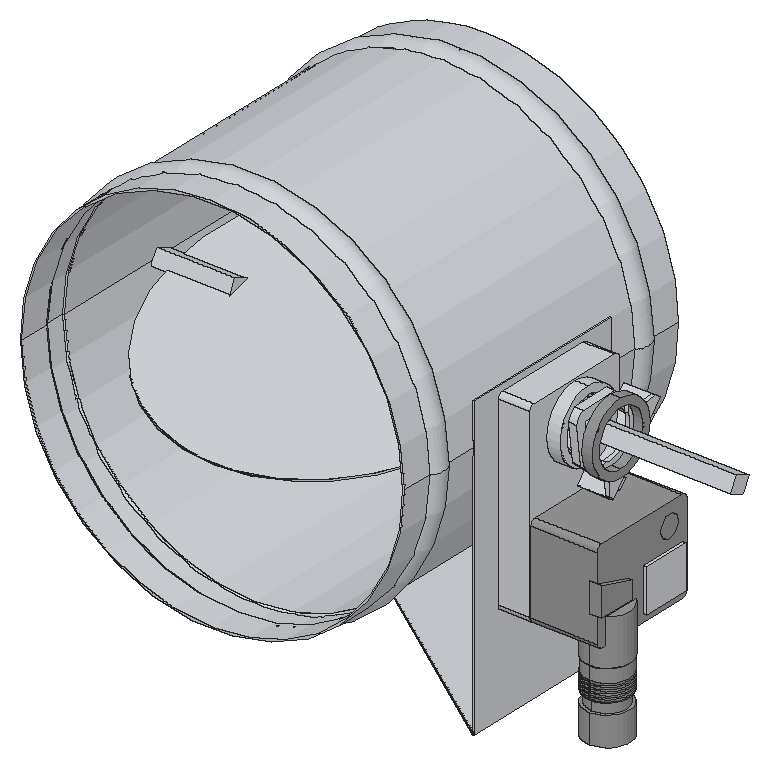
Revit family "MI-MZ-1,2", category Mechanical Equipment, Revit 2015
Parameters
  Void Radius [instance] = Radius - 0' 0 5/256"  # 0' - 4 123/256"
  URL = "https://unitedenertech.com/catalog/pdf/G_5%20MI-MZ-1,2-OB-MZ-1,2.pdf"
  Type Comments = "Consult Factory For Max. Sizes."
  Radius [instance] = 0.5 * Exact Diameter  # 0' - 4 1/2"
  Model = "MI-MZ-1, MI-MZ-2"
  Manufacturer = "United Enertech Corporation"
  Keynote = "Shaft options set to visibility parameters, correct shaft and size will appear when loaded into project."
  Inner Radius [instance] = Radius - 0' 0 9/256"  # 0' - 4 119/256"
  Exact Diameter = 0' - 9"
  Description = "Modulating Motorized Damper"
  Depth = 0' - 8"
  Blade Radius [instance] = Inner Radius - 0' 0 3/8"  # 0' - 4 23/256"
  3/8" Pin Visibility [instance] = if(Exact Diameter < 1' 3 251/256", 2 > 1, 1 > 2)  # yes
  3/4" Shaft Visibility [instance] = if(Exact Diameter > 2' 5 251/256", 2 > 1, 1 > 2)  # no
  1/2" Shaft Visibility [instance] = if(and(Exact Diameter > 1' 3 251/256", Exact Diameter < 2' 5 251/256"), 2 > 1, 1 > 2)  # no
Reference planes (in)
  plane 1 "Center (Front/Back)": y = 0
  plane 2: z = 0
  plane 3 "Center (Left/Right)": x = 0
  plane 4: x = -4.5
  plane 5: x = 4.5
  plane 6: y = 8
  plane 7: y = 7
  plane 8: y = 1
  plane 9: x = -5.1
  plane 10: x = -2.6
  plane 11: x = 2.6
  plane 12: x = 9.14655
  plane 13: x = 4.5359
  plane 14: y = 6
  plane 15: y = 2
  plane 16: x = 6.58841
  plane 17: x = 6.97333
Forms (in)
  Extrusion 1, solid
    sketch origin (0, 0, 0) x (1, 0, 0) y (0, 0, 1)
      loop
        circle (0, 0) r 4.5
      loop
        circle (0, 0) r 4.46484
    from 0 to -8
  Sweep 2, solid
    path origin (0, 1, 0) x (1, 0, 0) y (0, 0, 1)
      loop
        circle (0, 0) r 4.5
    profile "Bead Sweep : Bead Sweep" origin (0, 1, 4.5) x (0, 0, -1) y (0, -1, 0)
      loop
        arc (0, 0.279) -> (-0.12, 0) -> (0, -0.279) r 0.38434
        line (0, -0.279) -> (0, 0.279)
  Sweep 3, solid
    path origin (0, 7, 0) x (1, 0, 0) y (0, 0, 1)
      loop
        circle (0, 0) r 4.5
    profile "Bead Sweep : Bead Sweep" origin (0, 7, 4.5) x (0, 0, -1) y (0, -1, 0)
      loop
        arc (0, 0.279) -> (-0.12, 0) -> (0, -0.279) r 0.38434
        line (0, -0.279) -> (0, 0.279)
  Sweep 4, void
    path origin (0, 1, 0) x (1, 0, 0) y (0, 0, 1)
      loop
        circle (0, 0) r 4.48047
    profile "Bead Void Sweep : Bead Void Sweep" origin (0, 1, 4.48047) x (0, 0, -1) y (0, -1, 0)
      loop
        arc (0.15416, 0.3555) -> (-0.0841, 0) -> (0.15416, -0.3555) r 0.38434
        line (0.15416, -0.3555) -> (0.15416, 0.3555)
  Sweep 5, void
    path origin (0, 7, 0) x (1, 0, 0) y (0, 0, 1)
      loop
        circle (0, 0) r 4.48047
    profile "Bead Void Sweep : Bead Void Sweep" origin (0, 7, 4.48047) x (0, 0, -1) y (0, -1, 0)
      loop
        arc (0.15416, 0.3555) -> (-0.0841, 0) -> (0.15416, -0.3555) r 0.38434
        line (0.15416, -0.3555) -> (0.15416, 0.3555)
  Extrusion 6, solid
    sketch origin (0, 2.96472, 3.8637) x (1, 0, 0) y (0, 0.965926, 0.258819)
      loop
        circle (0, 0) r 4.08984
    from -4.01795 to -3.98205
  Extrusion 7, solid, visible <- "3/8" Pin Visibility"
    sketch origin (-15.25, -6.71378, 12.44542) x (0, 0.906308, -0.422618) y (0, 0.422618, 0.906308)
      loop
        line (15.15714, -6.93904) -> (15.15714, -6.56404) -> (14.78214, -6.56404) -> (14.78214, -6.93904) -> (15.15714, -6.93904)
    from 10.15 to 12.65
  Extrusion 8, solid, visible <- "3/8" Pin Visibility"
    sketch origin (11.25, -6.71378, 12.44542) x (0, 0.906308, -0.422618) y (0, 0.422618, 0.906308)
      loop
        line (15.15714, -6.93904) -> (15.15714, -6.56404) -> (14.78214, -6.56404) -> (14.78214, -6.93904) -> (15.15714, -6.93904)
    from -8.65 to -2.10345
  Extrusion 9, solid, visible <- "1/2" Shaft Visibility"
    sketch origin (0, 0, 0) x (0, 1, 0) y (0, 0, 1)
      loop
        circle (4, 0) r 0.25
    from -5.1 to 9.14655
  Extrusion 10, solid, visible <- "3/4" Shaft Visibility"
    sketch origin (0, 0, 0) x (0, 1, 0) y (0, 0, 1)
      loop
        circle (4, 0) r 0.375
    from -5.1 to 9.14655
  Extrusion 11, solid
    sketch origin (0, 22.75673, 12.99985) x (0, 1, 0) y (0, 0, 1)
      loop
        line (-16.75673, -11.99985) -> (-20.75673, -11.99985) -> (-20.75673, -18.99985) -> (-16.75673, -18.99985) -> (-16.75673, -11.99985)
      loop
        circle (-18.75673, -12.99985) r 0.375
    from 4.5 to 4.5359
  Extrusion 12, solid
    sketch origin (0, 0, 0) x (1, 0, 0) y (0, 0, 1)
      loop
        line (4.5, -6) -> (4.5, -5.95269) -> (0, -0.55027) -> (0, -0.59758) -> (4.5, -6)
    from -6 to -2
  Extrusion 13, void
    sketch origin (-47.63577, 0, 15.85201) x (1, 0, 0) y (0, 0, 1)
      loop
        circle (47.63577, -15.85201) r 4.5
    from -13.1442 to 3.21369
  Extrusion 14, solid
    sketch origin (0, 0, 0) x (0, 1, 0) y (0, 0, 1)
      loop
        line (5.14046, -2.49298) -> (3.99353, -2.49298) -> (3.99353, -3.49298) -> (5.14046, -3.49298) -> (5.14046, -2.49298)
    from 6.58841 to 6.97333
Cuts and joins
  Sweep 4, Sweep 5 cuts Extrusion 1
  Sweep 5 cuts Sweep 2
  Extrusion 13 cuts Extrusion 12
Dimensions and locks (in)
  equal spacing: plane 4, plane 3 "Center (Left/Right)", plane 5
  "Exact Diameter": plane 4 to plane 5
  "Depth": plane 6 to plane 1 "Center (Front/Back)"
  locked: plane 8 to plane 1 "Center (Front/Back)" at 1
  locked: plane 6 to plane 7 at 1
  locked: plane 9 to plane 4 at 0.6
  locked: plane 4 to plane 10 at 1.9
  locked: plane 11 to plane 5 at 1.9
  locked: plane 5 to plane 12 at 4.64655
  locked: plane 5 to plane 13 at 0.0359
  locked: plane 17 to plane 12 at 2.17322
  locked: plane 16 to plane 17 at 0.38492
  "Inner Radius": radius of Extrusion 1 sketch curve
  "Radius": radius of Extrusion 1 sketch curve
  "Radius": radius of Sweep 2 sketch curve
  "Radius": radius of Sweep 3 sketch curve
  "Void Radius": radius of Sweep 4 sketch curve
  "Void Radius": radius of Sweep 5 sketch curve
  "Blade Radius": radius of Extrusion 6 sketch curve
  "Radius": radius of Extrusion 13 sketch curve
  aligned and locked: level to plane 2
  aligned and locked: plane 6 to Extrusion 1
  aligned and locked: plane 1 "Center (Front/Back)" to Extrusion 1
  aligned and locked: plane 10 to Extrusion 7
  aligned and locked: plane 9 to Extrusion 7
  aligned and locked: plane 11 to Extrusion 8
  aligned and locked: Extrusion 8 to plane 12
  aligned and locked: plane 9 to Extrusion 9
  aligned and locked: Extrusion 9 to plane 12
  aligned and locked: plane 9 to Extrusion 10
  aligned and locked: Extrusion 10 to plane 12
  aligned and locked: plane 13 to Extrusion 11
  aligned and locked: Extrusion 11 to plane 5
  aligned and locked: plane 5 to Extrusion 12
  aligned and locked: Extrusion 11 to Extrusion 12
  aligned and locked: Extrusion 12 to Extrusion 11
  aligned and locked: nested 1 to plane 13
  aligned and locked: Extrusion 14 to plane 17
  aligned and locked: plane 16 to Extrusion 14
Automatic sketch dimensions
  Extrusion 7 sketch curve to level = 0' - 0.09069"
  Extrusion 7 sketch curve to plane 8 = 0' - 2.75083"
  Extrusion 7 sketch curve to Extrusion 7 sketch curve = 0' - 0 3/8"  (x2)
  Extrusion 8 sketch curve to level = 0' - 0.09069"
  Extrusion 8 sketch curve to plane 8 = 0' - 2.75083"
  Extrusion 8 sketch curve to Extrusion 8 sketch curve = 0' - 0 3/8"  (x2)
  Extrusion 9 sketch curve to level = 0' - 0"
  plane 7 to Extrusion 9 sketch curve = 0' - 3"
  Extrusion 10 sketch curve to level = 0' - 0"
  plane 7 to Extrusion 10 sketch curve = 0' - 3"
  Extrusion 11 sketch curve to plane 1 "Center (Front/Back)" = 0' - 2"
  level to Extrusion 11 sketch curve = 0' - 1"
  Extrusion 11 sketch curve to Extrusion 11 sketch curve = 0' - 4"
  Extrusion 11 sketch curve to Extrusion 11 sketch curve = 0' - 7"
  Extrusion 12 sketch curve to plane 3 "Center (Left/Right)" = 0' - 0"
  Extrusion 12 sketch curve to plane 5 = 0' - 0"
  Extrusion 12 sketch curve to level = 0' - 6"
  Extrusion 12 sketch curve to Extrusion 12 sketch curve = 0' - 0.04731"  (x2)
  Extrusion 12 sketch curve to level = 0' - 0.59758"
  Extrusion 14 sketch curve to plane 15 = 0' - 1.99353"
  plane 14 to Extrusion 14 sketch curve = 0' - 0.85954"
  Extrusion 14 sketch curve to level = 0' - 3.49298"
  Extrusion 14 sketch curve to Extrusion 14 sketch curve = 0' - 1"
  Extrusion 1 sketch curve to Extrusion 1 sketch curve = 0' - 0"  (x2)
  Extrusion 1 sketch curve to level = 0' - 0"
  Extrusion 1 sketch curve to plane 3 "Center (Left/Right)" = 0' - 0"
  Sweep 2 sketch curve to level = 0' - 0"
  Sweep 2 sketch curve to plane 3 "Center (Left/Right)" = 0' - 0"
  Sweep 3 sketch curve to level = 0' - 0"
  Sweep 3 sketch curve to plane 3 "Center (Left/Right)" = 0' - 0"
  Sweep 4 sketch curve to level = 0' - 0"
  Sweep 4 sketch curve to plane 3 "Center (Left/Right)" = 0' - 0"
  Sweep 5 sketch curve to level = 0' - 0"
  Sweep 5 sketch curve to plane 3 "Center (Left/Right)" = 0' - 0"
  Extrusion 6 sketch curve to plane 3 "Center (Left/Right)" = 0' - 0"
  Extrusion 13 sketch curve to level = 0' - 0"
  Extrusion 13 sketch curve to plane 3 "Center (Left/Right)" = 0' - 0"
  radius of Extrusion 9 sketch curve = 0' - 0 1/4"
  radius of Extrusion 10 sketch curve = 0' - 0 3/8"
Nested families (in)
  nested 1: "LMB-24 Ac" at (5.29866, 2.6757, -5.83793) x (-1, 0, 0) z (0, 0, 1), type "LMB-24 Ac"
Definition of nested family "LMB-24 Ac"
  Reference planes (in)
    plane 1 "Center (Front/Back)": y = 0
    plane 2: z = 0
    plane 3 "Center (Left/Right)": x = 0
    plane 4: x = 0.76276
  Forms (in)
    Extrusion 1, solid
      sketch origin (0, -14.29826, 0) x (0, 1, 0) y (0, 0, 1)
        loop
          line (14.29826, 2.26365) -> (14.29826, 6.58365)
          arc (14.29826, 6.58365) -> (14.26165, 6.67204) -> (14.17326, 6.70865) r 0.125
          line (14.17326, 6.70865) -> (11.82326, 6.70865)
          arc (11.82326, 6.70865) -> (11.73487, 6.67204) -> (11.69826, 6.58365) r 0.125
          line (11.69826, 6.58365) -> (11.69826, 2.26365)
          arc (11.69826, 2.26365) -> (11.73487, 2.17527) -> (11.82326, 2.13865) r 0.125
          line (11.82326, 2.13865) -> (14.17326, 2.13865)
          arc (14.17326, 2.13865) -> (14.26165, 2.17527) -> (14.29826, 2.26365) r 0.125
      from 0 to 0.76276
    Extrusion 2, solid
      sketch origin (0, 1.40093, 1.78838) x (0, 0, 1) y (0, -1, 0)
        loop
          circle (4.06027, 2.70093) r 0.83573
        loop
          circle (4.06027, 2.70093) r 0.65384
      from 0.85343 to -0.33
    Extrusion 3, solid
      sketch origin (0, 1.40093, 1.78838) x (0, 0, 1) y (0, -1, 0)
        loop
          line (3.55094, 4.09474) -> (4.49646, 3.0032) -> (4.45067, 2.20426) -> (3.69895, 2.30327) -> (2.75161, 3.40295) -> (2.57266, 3.24805) -> (3.5638, 2.10384) -> (4.47707, 1.99337)
          arc (4.47707, 1.99337) -> (4.61655, 2.05914) -> (4.70451, 2.1858) r 0.29812
          line (4.70451, 2.1858) -> (4.71841, 3.10215) -> (3.72989, 4.24964) -> (3.55094, 4.09474)
      from -0.62789 to -0.42789
    Extrusion 4, solid
      sketch origin (0, 1.40093, 1.78838) x (0, 0, 1) y (0, -1, 0)
        loop
          line (4.29797, 4.01838) -> (4.20264, 4.12876) -> (2.63971, 2.77891) -> (2.74493, 2.67369) -> (3.06142, 2.66898) -> (3.24141, 2.46124)
          arc (3.24141, 2.46124) -> (3.42353, 2.4293) -> (3.521, 2.58643) r 0.16504
          arc (3.521, 2.58643) -> (3.69967, 3.1318) -> (4.26379, 3.23725) r 0.5631
          arc (4.26379, 3.23725) -> (4.43789, 3.30548) -> (4.43541, 3.49245) r 0.16432
          line (4.43541, 3.49245) -> (4.25607, 3.70075) -> (4.29797, 4.01838)
      from -0.84254 to -0.74254
    Extrusion 5, solid
      sketch origin (0, 1.40093, 1.78838) x (0, 0, 1) y (0, -1, 0)
        loop
          line (2.63971, 2.77891) -> (2.71061, 2.70801) -> (4.26806, 4.0497) -> (4.20279, 4.12546) -> (2.63971, 2.77891)
      from -0.74254 to -0.08
    Extrusion 6, void
      sketch origin (0, 1.40093, 1.78838) x (0, 0, 1) y (0, -1, 0)
        loop
          circle (4.06027, 2.70093) r 0.65384
      from -0.33 to 0.85343
    Extrusion 7, solid
      sketch origin (0, 1.40093, 1.78838) x (0, 0, 1) y (0, -1, 0)
        loop
          circle (4.06027, 2.70093) r 0.83573
        loop
          circle (4.06027, 2.70093) r 0.65384
      from -1.08724 to -0.84254
    Extrusion 8, solid
      sketch origin (0, -14.29826, 0) x (0, 1, 0) y (0, 0, 1)
        loop
          line (14.29826, 2.26365) -> (14.29826, 4.19523)
          arc (14.29826, 4.19523) -> (14.26165, 4.28362) -> (14.17326, 4.32023) r 0.125
          line (14.17326, 4.32023) -> (11.82326, 4.32023)
          arc (11.82326, 4.32023) -> (11.73487, 4.28362) -> (11.69826, 4.19523) r 0.125
          line (11.69826, 4.19523) -> (11.69826, 2.26365)
          arc (11.69826, 2.26365) -> (11.73487, 2.17527) -> (11.82326, 2.13865) r 0.125
          line (11.82326, 2.13865) -> (14.17326, 2.13865)
          arc (14.17326, 2.13865) -> (14.26165, 2.17527) -> (14.29826, 2.26365) r 0.125
      from 0 to -1.57724
    Extrusion 9, solid
      sketch origin (0, -14.29826, 0) x (0, 1, 0) y (0, 0, 1)
        loop
          circle (12.19826, 3.82023) r 0.25
      from -1.57724 to -1.43167
    Extrusion 10, void
      sketch origin (0, -14.29826, 0) x (0, 1, 0) y (0, 0, 1)
        loop
          circle (12.19826, 3.82023) r 0.25
      from -1.43167 to -1.57724
    Revolve 11, solid
      sketch origin (-1.29043, 0.85927, 4.39668) x (0, 0, 1) y (0, -1, 0)
        loop
          line (-1.6464, 1.50853) -> (-4.58277, 1.50853) -> (-4.58277, 1.38895) -> (-4.38595, 1.3888) -> (-4.38595, 0.98233) -> (-3.71316, 0.98233) -> (-3.71316, 1.06013) -> (-3.46316, 1.06013) -> (-3.46316, 0.99553) -> (-3.42649, 0.99553)
          arc (-3.42649, 0.99553) -> (-3.41021, 0.98362) -> (-3.39393, 0.99553) r 0.01708
          line (-3.39393, 0.99553) -> (-3.34037, 0.99553)
          arc (-3.34037, 0.99553) -> (-3.3241, 0.98362) -> (-3.30782, 0.99553) r 0.01708
          line (-3.30782, 0.99553) -> (-3.25426, 0.99553)
          arc (-3.25426, 0.99553) -> (-3.23799, 0.98362) -> (-3.22171, 0.99553) r 0.01708
          line (-3.22171, 0.99553) -> (-3.16815, 0.99553)
          arc (-3.16815, 0.99553) -> (-3.15187, 0.98362) -> (-3.1356, 0.99553) r 0.01708
          line (-3.1356, 0.99553) -> (-3.08204, 0.99553)
          arc (-3.08204, 0.99553) -> (-3.06576, 0.98362) -> (-3.04949, 0.99553) r 0.01708
          line (-3.04949, 0.99553) -> (-2.74867, 0.99553) -> (-2.74867, 1.11419) -> (-2.71756, 1.11419) -> (-2.71756, 0.97626) -> (-1.6464, 0.97626) -> (-1.6464, 1.50853)
        axis (-1.6464, 1.50853) -> (-4.58277, 1.50853)
      angle from 0 to 360
    Extrusion 12, solid
      sketch origin (0, 0, 0.06408) x (0, 1, 0) y (0, 0, 1)
        loop
          line (0.03679, 2.81374) -> (0.03679, 3.49198) -> (-0.84859, 3.22129) -> (-0.84859, 2.81374) -> (0.03679, 2.81374)
      from -1.70773 to -1.43167
  Cuts and joins
    Extrusion 6 cuts Extrusion 2
    Extrusion 6, Extrusion 10 cuts Extrusion 1
    Extrusion 10 cuts Extrusion 8
  Dimensions and locks (in)
    aligned and locked: level to plane 2
